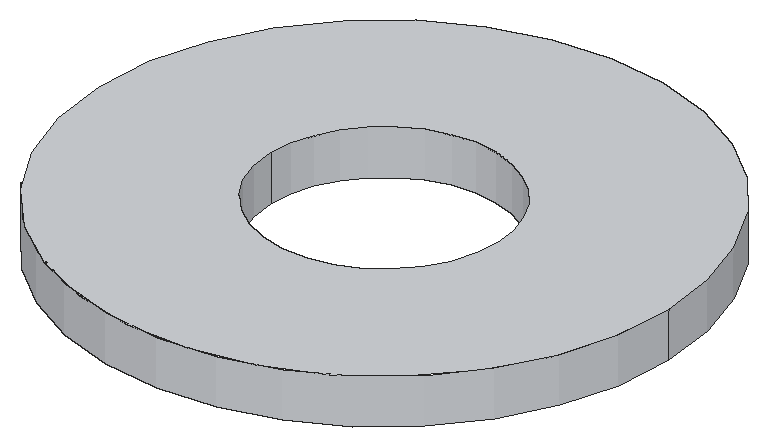
Revit family "GC - Rondella", category Generic Models, host Face, Revit 2018
Family settings
  Host = Face
  Can host rebar = No
  Round Connector Dimension = Use Diameter
  Part Type = Normal
  Cut with Voids When Loaded = No
  Shared = No
  Room Calculation Point = No
Parameters
  Rondella _ Spessore = 0.20 cm
  Rondella _ Raggio Foro = Rondella _ Diametro Foro / 2  # 0.50 cm
  Rondella _ Raggio = Rondella _ Diametro / 2  # 1.25 cm
  Rondella _ Diametro Foro = 1.00 cm
  Rondella _ Diametro = 2.50 cm
  Default Elevation = 121.92 cm
Reference planes (cm)
  plane 1 "Center (Front/Back)": y = 0
  plane 2: z = 0
  plane 3 "Center (Left/Right)": x = 0
  plane 4: z = 0.2
Forms (cm)
  Extrusion 1, solid
    sketch origin (0, 0, 0) x (1, 0, 0) y (0, 1, 0)
      loop
        circle (0, 0) r 1.25
    from 0 to 0.2
  Extrusion 2, void
    sketch origin (0, 0, 0) x (1, 0, 0) y (0, 1, 0)
      loop
        circle (0, 0) r 0.5
    from 0 to 25
Cuts and joins
  Extrusion 2 cuts Extrusion 1
Dimensions and locks (cm)
  "Rondella _ Spessore": plane 2 to plane 4
  "Rondella _ Raggio": radius of Extrusion 1 sketch curve
  "Rondella _ Raggio Foro": radius of Extrusion 2 sketch curve
  aligned and locked: plane 2 to host face
  aligned and locked: level to host face
  aligned and locked: plane 4 to cut or joined group of Extrusion 1, Extrusion 2
Automatic sketch dimensions
  host sketch curve to host sketch curve = 243.84 cm  (x2)
  plane 1 "Center (Front/Back)" to Extrusion 1 sketch curve = 0.00 cm
  Extrusion 1 sketch curve to plane 3 "Center (Left/Right)" = 0.00 cm
  plane 1 "Center (Front/Back)" to Extrusion 2 sketch curve = 0.00 cm
  Extrusion 2 sketch curve to plane 3 "Center (Left/Right)" = 0.00 cm
